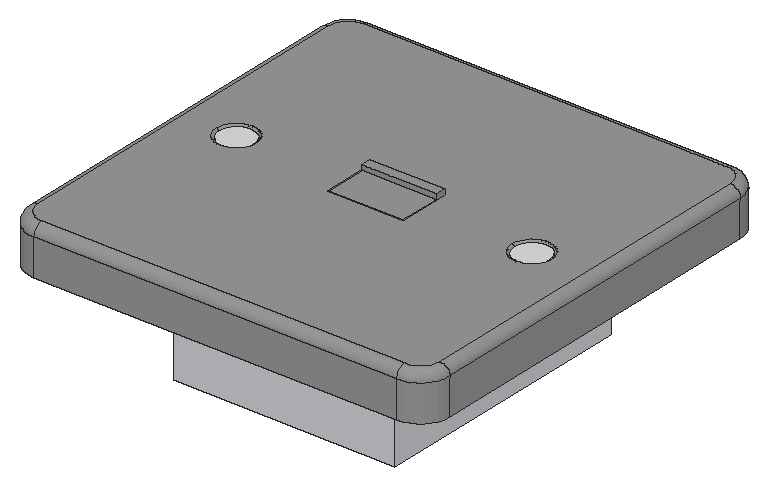
Revit family "ElectricalFixture_WiringAccessories_Hager_Sollyster_Telephone&Data", category Electrical Fixtures, host Face, Revit 2015
Parameters (values of type "WMRJ45")
  Warranty ID = ""
  Voltage (Volts) = "230V/240V"
  Unique Reference = "WMRJ45"
  Type = "ElectricalFixture"
  Technical Description = "RJ45Socket"
  Switch = yes
  Supply Phase = "1"
  Size = ""
  Shipping Weight kg = "0.188"
  Shape = "Rectangular"
  Reference Standard = "BS 1363-2"
  Product URL = "http://www.hager.co.uk/product-catalogue/wiring-accessories/sollysta/white-moulded/white-moulded-telephone-tv-data/58360.htm"
  Product Range = "Sollysta"
  Product Model Number = "WMRJ45"
  Product Literature = "http://www.hager.co.uk/product-catalogue/wiring-accessories/sollysta/38662.htm"
  Product Group = "WiringAccessories"
  Product Family = "WhiteMouldedTelephone_TV&Data"
  Packaging Recyclable = yes
  Overall Width = Overall Length  # 86.0 mm
  Overall Length = 86.0 mm
  Overall Height = 86.0 mm
  Overall Depth = 26.07 mm
  Operation and Maintenance Manual = ""
  Name = "WhiteMouldedTelephone_TV&Data_WMRJ45"
  Measurement Units = "mm"
  Material = Urea Formaldehyde Thermoset Plastic
  Manufacturer Website = "http://www.hager.co.uk/"
  Manufacturer Country = "United Kingdom"
  Manufacturer = "Hager"
  LED Indicator Switch = no
  Gross Weight kg = "0.165"
  Frequency = "50/60Hz"
  Flex Outlet = no
  Finish = "Gloss"
  Features = "RJ45Socket"
  Extrusion From Wall = 11.921 mm
  Expected Life = "25 years"
  EAN Code = "5015652261643"
  Design Country = "China"
  Description = "RJ45Socket"
  Default Elevation = 1219.2 mm
  Colour = "SollystaWhite"
  CE Approval = yes
Types (4, lengths in mm): name | Unique Reference | Technical Description | Product Model Number | Name | Features | EAN Code | Description
  WMBTM | "WMBTM" | "BTMasterTelephoneOutlet" | "WMBTM" | "WhiteMouldedTelephone_TV&Data_WMBTM" | "BTMasterTelephoneOutlet" | "5015652261629" | "BTMasterTelephoneOutlet"
  WMBTS | "WMBTS" | "BTSecondaryTelephoneOutlet" | "WMBTS" | "WhiteMouldedTelephone_TV&Data_WMBTS" | "BTSecondaryTelephoneOutlet" | "5015652261636" | "BTSecondaryTelephoneOutlet"
  WMRJ11 | "WMRJ11" | "RJ11Socket" | "WMRJ11" | "WhiteMouldedTelephone_TV&Data_WMRJ11" | "RJ11Socket" | "5015652261650" | "RJ11Socket"
  WMRJ45 | "WMRJ45" | "RJ45Socket" | "WMRJ45" | "WhiteMouldedTelephone_TV&Data_WMRJ45" | "RJ45Socket" | "5015652261643" | "RJ45Socket"
Reference planes
  plane 1 "Center (Front/Back)": y = 0
  plane 2: z = 0
  plane 3 "Center (Left/Right)": x = 0
  plane 4: y = -43
  plane 5: y = 43
  plane 6: x = -137
  plane 7: x = -51
  plane 8: z = 9.47
  plane 9: z = -16.6
  plane 10: z = 11.921
  plane 11: y = -471.393
  plane 12: z = -20.53
  plane 13: x = -124.15
  plane 14: x = -63.85
  plane 15: x = -93.115
Forms (mm)
  Extrusion 1, solid, material "Urea Formaldehyde Thermoset Plastic", detail levels fine
    sketch origin (0, 0, 0) x (1, 0, 0) y (0, 1, 0)
      loop
        arc (-137, -37.005) -> (-135.244, -41.244) -> (-131.005, -43) r 5.995
        line (-131.005, -43) -> (-57.017, -43)
        arc (-57.017, -43) -> (-52.762, -41.238) -> (-51, -36.983) r 6.017
        line (-51, -36.983) -> (-51, 37.035)
        arc (-51, 37.035) -> (-52.747, 41.253) -> (-56.965, 43) r 5.965
        line (-56.965, 43) -> (-131.018, 43)
        arc (-131.018, 43) -> (-135.248, 41.248) -> (-137, 37.018) r 5.982
        line (-137, 37.018) -> (-137, -37.005)
      loop
        circle (-124.15, 0) r 3.228
      loop
        circle (-63.85, 0) r 3.228
      loop
        line (-101.565, -4.857) -> (-86.313, -4.857) -> (-86.313, 5.885) -> (-101.565, 5.885) -> (-101.565, -4.857)
    from 0 to 9.47
  Sweep 2, void
    path origin (0, 0, 0) x (1, 0, 0) y (0, 1, 0)
      loop
        line (-137, 37.018) -> (-137, -37.005)
        arc (-137, -37.005) -> (-135.244, -41.244) -> (-131.005, -43) r 5.995
        line (-131.005, -43) -> (-57.017, -43)
        arc (-57.017, -43) -> (-52.762, -41.238) -> (-51, -36.983) r 6.017
        line (-51, -36.983) -> (-51, 37.035)
        arc (-51, 37.035) -> (-52.747, 41.253) -> (-56.965, 43) r 5.965
        line (-56.965, 43) -> (-131.018, 43)
        arc (-131.018, 43) -> (-135.248, 41.248) -> (-137, 37.018) r 5.982
    profile origin (-137, 0.007, 0) x (1, 0, 0) y (0, 0, 1)
      loop
        line (0, 9.47) -> (0, 7.462)
        arc (0, 7.462) -> (0.588, 8.882) -> (2.008, 9.47) r 2.008
        line (2.008, 9.47) -> (0, 9.47)
  Sweep 3, void
    path origin (0, 0, 0) x (1, 0, 0) y (0, 1, 0)
      loop
        circle (-63.85, 0) r 3.228
    profile origin (-63.85, 3.228, 0) x (0, -1, 0) y (0, 0, 1)
      loop
        line (0, 9.47) -> (-0.814, 9.47)
        arc (-0.814, 9.47) -> (-0.347, 9.123) -> (0, 8.656) r 2
        line (0, 8.656) -> (0, 9.47)
  Sweep 4, void
    path origin (0, 0, 0) x (1, 0, 0) y (0, 1, 0)
      loop
        circle (-124.15, 0) r 3.228
    profile origin (-124.15, 3.228, 0) x (0, 1, 0) y (0, 0, 1)
      loop
        line (0, 9.47) -> (0, 8.656)
        arc (0, 8.656) -> (0.346, 9.124) -> (0.814, 9.47) r 1.964
        line (0.814, 9.47) -> (0, 9.47)
  Extrusion 5, solid, material "Steel, Chrome Plated", detail levels fine
    sketch origin (0, 0, 0) x (1, 0, 0) y (0, 1, 0)
      loop
        circle (-124.15, 0) r 3.542
    from -1.167 to 9.196
  Extrusion 6, solid, material "Steel, Chrome Plated", detail levels fine
    sketch origin (0, 0, 0) x (-1, 0, 0) y (0, -1, 0)
      loop
        circle (63.85, 0) r 3.542
    from -1.167 to 9.196
  Extrusion 7, solid, material "Urea Formaldehyde Thermoset Plastic", detail levels medium
    sketch origin (0, 0, 0) x (1, 0, 0) y (0, 1, 0)
      loop
        line (-137, 43) -> (-137, -43) -> (-51, -43) -> (-51, 43) -> (-137, 43)
    from 0 to 9.47
  Extrusion 8, solid, material "Urea Formaldehyde Thermoset Plastic", detail levels medium
    sketch origin (0, 0, 0) x (1, 0, 0) y (0, 1, 0)
      loop
        line (-137, -43) -> (-51, -43) -> (-51, 43) -> (-137, 43) -> (-137, -43)
    from 0 to 9.47
  Extrusion 9, solid, material "Urea Formaldehyde Thermoset Plastic", visible <- "Flex Outlet"
    sketch origin (0, 0, 0) x (1, 0, 0) y (0, 1, 0)
      loop
        circle (-111.615, -26.562) r 4
    from 9.47 to 9.835
  Extrusion 10, solid, material "Urea Formaldehyde Thermoset Plastic", detail levels fine
    sketch origin (0, 0, 0) x (0, 1, 0) y (0, 0, 1)
      loop
        line (5.885, 7.939) -> (5.885, 10.455) -> (3.829, 10.455) -> (3.829, 9.47) -> (-4.857, 9.47) -> (-4.857, 7.939) -> (5.885, 7.939)
    from -101.565 to -86.313
  Extrusion 11, solid
    sketch origin (0, 0, 0) x (1, 0, 0) y (0, 1, 0)
      loop
        line (-115.615, -26.562) -> (-70.615, -26.562) -> (-70.615, 28.438) -> (-115.615, 28.438) -> (-115.615, -26.562)
    from -20.53 to 0
Cuts and joins
  Sweep 2, Sweep 3, Sweep 4 cuts Extrusion 1
Lines and regions (mm)
  symbolic lines, style "ElectricalFixtures", not visible, detail levels coarse
    curve 1: line (73.42, -504.912, 19.451) -> (3.42, -504.912, 19.451)
    curve 2: arc (73.42, -504.912, 19.451) -> (38.42, -504.912, 54.451) -> (3.42, -504.912, 19.451) r 35
    curve 3: circle (38.42, -504.912, 54.451) r 6 normal (0, 1, 0)
    curve 4: line (38.42, -504.912, 54.451) -> (38.42, -504.912, 99.451)
    curve 5: line (38.42, -504.912, 99.451) -> (68.42, -504.912, 99.451)
    curve 6: line (38.42, -504.912, 54.451) -> (10.78, -504.912, 87.391)
    curve 7: line (10.78, -504.912, 87.391) -> (-3.315, -504.912, 75.564)
    curve 8: line (0.509, -504.912, 19.451) -> (-69.491, -504.912, 19.451)
    curve 9: arc (0.509, -504.912, 19.451) -> (-34.491, -504.912, 54.451) -> (-69.491, -504.912, 19.451) r 35
    curve 10: circle (-34.491, -504.912, 54.451) r 6 normal (0, 1, 0)
    curve 11: line (-34.491, -504.912, 54.451) -> (-34.491, -504.912, 99.451)
    curve 12: line (-34.491, -504.912, 99.451) -> (-4.491, -504.912, 99.451)
    curve 13: line (-34.491, -504.912, 54.451) -> (-62.13, -504.912, 87.391)
    curve 14: line (-62.13, -504.912, 87.391) -> (-76.226, -504.912, 75.564)
  model lines, detail levels coarse
    curve 15: line (-137, 43, 0) -> (-51, 43, 0)
    curve 16: line (-137, -43, 0) -> (-137, 43, 0)
    curve 17: line (-51, -43, 0) -> (-137, -43, 0)
    curve 18: line (-51, 43, 0) -> (-51, -43, 0)
    curve 19: arc (-120.108, 0, 0) -> (-124.15, -4.042, 0) -> (-128.192, 0, 0) r 4.042
    curve 20: arc (-128.192, 0, 0) -> (-124.15, 4.042, 0) -> (-120.108, 0, 0) r 4.042
    curve 21: arc (-59.808, 0, 0) -> (-63.85, -4.042, 0) -> (-67.892, 0, 0) r 4.042
    curve 22: arc (-67.892, 0, 0) -> (-63.85, 4.042, 0) -> (-59.808, 0, 0) r 4.042
  model lines, visible <- "Flex Outlet"
    curve 23: arc (-115.615, -26.562, 0) -> (-111.615, -30.562, 0) -> (-107.615, -26.562, 0) r 4
    curve 24: arc (-107.615, -26.562, 0) -> (-111.615, -22.562, 0) -> (-115.615, -26.562, 0) r 4
  model lines
    curve 25: line (-101.565, -4.857, 0) -> (-86.313, -4.857, 0)
    curve 26: line (-86.313, -4.857, 0) -> (-86.313, 3.829, 0)
    curve 27: line (-86.313, 3.829, 0) -> (-101.565, 3.829, 0)
    curve 28: line (-101.565, 3.829, 0) -> (-101.565, -4.857, 0)
    curve 29: line (-86.313, 5.885, 0) -> (-101.565, 5.885, 0)
    curve 30: line (-101.565, 5.885, 0) -> (-101.565, 3.829, 0)
    curve 31: line (-101.565, 3.829, 0) -> (-86.313, 3.829, 0)
    curve 32: line (-86.313, 3.829, 0) -> (-86.313, 5.885, 0)
  symbolic lines
    curve 33: line (-128.178, -504.912, 33.371) -> (-81.935, -504.912, 33.371)
    curve 34: line (-81.935, -504.912, 33.371) -> (-63.85, -504.912, 43.395)
    curve 35: line (-63.85, -504.912, 43.395) -> (-63.85, -504.912, 22.531)
    curve 36: line (-63.85, -504.912, 22.531) -> (-81.935, -504.912, 33.371)
    curve 37: line (-93.115, -504.912, 26.336) -> (-93.115, -504.912, 41.336)
  symbolic lines, not visible
    curve 38: line (-128.178, -504.912, 33.371) -> (-81.935, -504.912, 33.371)
    curve 39: line (-81.935, -504.912, 33.371) -> (-63.85, -504.912, 43.395)
    curve 40: line (-63.85, -504.912, 43.395) -> (-63.85, -504.912, 22.531)
    curve 41: line (-63.85, -504.912, 22.531) -> (-81.935, -504.912, 33.371)
    curve 42: line (-93.115, -504.912, 26.336) -> (-93.115, -504.912, 41.336)
Dimensions and locks
  plane 10 to plane 9 = 28.521 mm
  plane 8 to plane 9 = 26.07 mm
  plane 2 to plane 9 = 16.6 mm
  "Overall Length": plane 6 to plane 7
  "Overall Height": plane 4 to plane 5
  "Overall Depth": plane 9 to plane 8
  plane 2 to plane 10 = 11.921 mm
  plane 8 to plane 12 = 30.0 mm
  aligned and locked: plane 2 to host face
  aligned and locked: level to host face
  aligned and locked: Extrusion 1 to plane 8
  aligned and locked: Extrusion 7 to plane 8
  aligned and locked: Extrusion 8 to plane 8
  aligned and locked: Extrusion 8 to level
  aligned and locked: Extrusion 9 to cut or joined group of Extrusion 1, Sweep 2, Sweep 3, Sweep 4
  aligned and locked: Extrusion 10 to cut or joined group of Extrusion 1, Sweep 2, Sweep 3, Sweep 4
Automatic sketch dimensions
  host sketch curve to host sketch curve = 2438.4 mm  (x2)
  Sweep 2 sketch curve to plane 6 = 0.0 mm
  plane 5 to Sweep 2 sketch curve = 0.0 mm
  plane 4 to Sweep 2 sketch curve = 0.0 mm
  Sweep 2 sketch curve to Sweep 2 sketch curve = 5.982 mm
  plane 6 to Sweep 2 sketch curve = 5.995 mm
  Sweep 2 sketch curve to plane 7 = 6.017 mm
  Sweep 2 sketch curve to plane 7 = 5.965 mm
  plane 7 to Sweep 2 sketch curve = 0.0 mm
  profile plane to Sweep 2 sketch curve = 0.0 mm
  Sweep 2 sketch curve to Sweep 2 sketch curve = 2.008 mm
  level to Sweep 2 sketch curve = 7.462 mm
  plane 1 "Center (Front/Back)" to Sweep 3 sketch curve = 0.0 mm
  Sweep 3 sketch curve to plane 14 = 0.0 mm
  Sweep 3 sketch curve to profile plane = 0.0 mm
  Sweep 3 sketch curve to Sweep 3 sketch curve = 0.814 mm
  profile plane to Sweep 3 sketch curve = 1.761 mm
  level to Sweep 3 sketch curve = 7.709 mm
  Sweep 3 sketch curve to Sweep 3 sketch curve = 0.947 mm
  Sweep 4 sketch curve to Sweep 4 sketch curve = 0.0 mm  (x2)
  plane 1 "Center (Front/Back)" to Sweep 4 sketch curve = 0.0 mm
  Sweep 4 sketch curve to plane 13 = 0.0 mm
  Sweep 4 sketch curve to plane 13 = 3.228 mm
  Sweep 4 sketch curve to profile plane = 0.0 mm
  Sweep 4 sketch curve to profile plane = 0.814 mm
  Sweep 4 sketch curve to profile plane = 1.735 mm
  level to Sweep 4 sketch curve = 7.735 mm
  Sweep 4 sketch curve to Sweep 4 sketch curve = 0.921 mm
  Extrusion 5 sketch curve to Extrusion 5 sketch curve = 0.0 mm  (x2)
  plane 1 "Center (Front/Back)" to Extrusion 5 sketch curve = 0.0 mm
  Extrusion 5 sketch curve to plane 13 = 0.0 mm
  Extrusion 5 sketch curve to plane 13 = 3.542 mm
  Extrusion 6 sketch curve to Extrusion 6 sketch curve = 0.0 mm  (x2)
  plane 1 "Center (Front/Back)" to Extrusion 6 sketch curve = 0.0 mm
  plane 14 to Extrusion 6 sketch curve = 0.0 mm
  Extrusion 6 sketch curve to plane 14 = 3.542 mm
  plane 4 to Extrusion 7 sketch curve = 0.0 mm
  Extrusion 7 sketch curve to plane 6 = 0.0 mm
  Extrusion 7 sketch curve to plane 7 = 0.0 mm
  plane 5 to Extrusion 7 sketch curve = 0.0 mm
  plane 5 to Extrusion 8 sketch curve = 0.0 mm
  Extrusion 8 sketch curve to plane 6 = 0.0 mm
  Extrusion 8 sketch curve to plane 7 = 0.0 mm
  plane 4 to Extrusion 8 sketch curve = 0.0 mm
  plane 4 to curve 17 = 0.0 mm
  curve 17 to plane 6 = 0.0 mm
  plane 1 "Center (Front/Back)" to curve 19 = 0.0 mm
  curve 20 to plane 13 = 0.0 mm
  plane 1 "Center (Front/Back)" to curve 21 = 0.0 mm
  curve 22 to plane 14 = 0.0 mm
  curve 17 to plane 7 = 0.0 mm
  plane 5 to curve 16 = 0.0 mm
  curve 19 to plane 13 = 4.042 mm
  curve 21 to curve 21 = 4.042 mm
  plane 13 to Extrusion 9 sketch curve = 12.535 mm
  Extrusion 9 sketch curve to plane 4 = 16.438 mm
  plane 13 to curve 24 = 12.535 mm
  curve 24 to plane 4 = 16.438 mm
  curve 23 to curve 23 = 4.0 mm
  Extrusion 1 sketch curve to plane 6 = 0.0 mm
  plane 5 to Extrusion 1 sketch curve = 0.0 mm
  plane 4 to Extrusion 1 sketch curve = 0.0 mm
  plane 1 "Center (Front/Back)" to Extrusion 1 sketch curve = 0.0 mm  (x2)
  Extrusion 1 sketch curve to plane 13 = 0.0 mm
  Extrusion 1 sketch curve to plane 14 = 0.0 mm
  Extrusion 1 sketch curve to Extrusion 1 sketch curve = 5.982 mm
  Extrusion 1 sketch curve to plane 4 = 5.995 mm
  Extrusion 1 sketch curve to plane 1 "Center (Front/Back)" = 5.885 mm
  plane 13 to Extrusion 1 sketch curve = 22.585 mm
  plane 1 "Center (Front/Back)" to Extrusion 1 sketch curve = 4.857 mm
  Extrusion 1 sketch curve to Extrusion 1 sketch curve = 15.252 mm
  Extrusion 1 sketch curve to plane 7 = 6.017 mm
  Extrusion 1 sketch curve to plane 7 = 5.965 mm
  plane 7 to Extrusion 1 sketch curve = 0.0 mm
  plane 8 to Extrusion 10 sketch curve = 0.0 mm
  plane 8 to Extrusion 10 sketch curve = 1.531 mm
  plane 1 "Center (Front/Back)" to Extrusion 10 sketch curve = 4.857 mm
  Extrusion 10 sketch curve to plane 1 "Center (Front/Back)" = 3.829 mm
  Extrusion 10 sketch curve to plane 8 = 0.985 mm
  Extrusion 10 sketch curve to Extrusion 10 sketch curve = 2.056 mm
  plane 1 "Center (Front/Back)" to curve 28 = 4.857 mm
  curve 19 to curve 28 = 18.543 mm
  curve 26 to plane 1 "Center (Front/Back)" = 3.829 mm
  curve 27 to curve 26 = 15.252 mm
  curve 30 to curve 29 = 2.056 mm
  plane 13 to Extrusion 11 sketch curve = 8.535 mm
  Extrusion 11 sketch curve to plane 14 = 6.765 mm
  Extrusion 11 sketch curve to plane 4 = 16.438 mm
  plane 5 to Extrusion 11 sketch curve = 14.562 mm
  radius of Sweep 3 sketch curve = 3.228 mm
  radius of Extrusion 9 sketch curve = 4.0 mm
  radius of Extrusion 1 sketch curve = 3.228 mm  (x2)
Connectors
  electrical at (-94.001, 0.008, 0)
    settings: on cut or joined group of Extrusion 1, Sweep 2, Sweep 3, Sweep 4, index 1, voltage 230 V, apparent load 0 VA, apparent load phase1 0 VA, apparent load phase2 0 VA, apparent load phase3 0 VA, power factor 1, load classification "Other", number of poles 1, system type 31, power factor state 1, is connector primary yes, connector utility no, sub classification motor no, connector description ""
